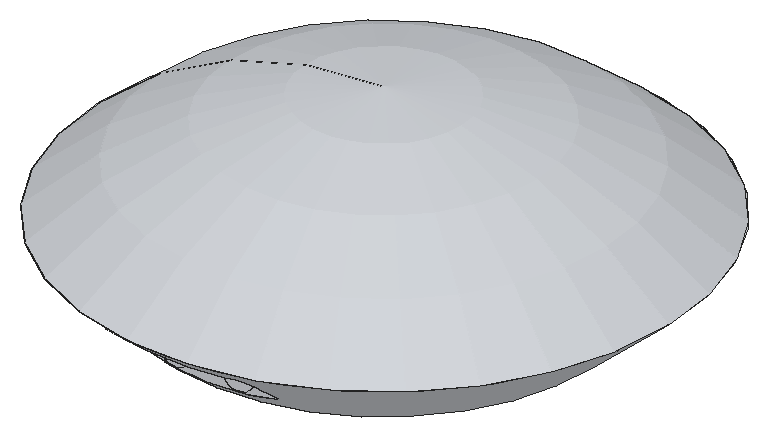
Revit family "0049013 Sylvania Lighting Fixture Start Surface IP66 1500lm 840 MW+EM IK10 WHT", category Lighting Fixtures, host Face, Revit 2016
Family settings
  Host = Face
  Part Type = Normal
  Round Connector Dimension = Use Diameter
  OmniClass Number = 23.80.70.00
  OmniClass Title = Lighting
  Cut with Voids When Loaded = No
  Light Source = Yes
  Shared = No
  Room Calculation Point = No
Parameters (values of type "Type Name")
  power entry width = 90 mm
  power entry height = 28 mm
  power connector height = 12.5 mm
  power connector centres = 39 mm
  height = 110 mm
  connector position 2 = 40 mm
  connector length = 2 mm
  base height = 40 mm
  backplate diameter = 256 mm
  Weight = ""
  Wattage Comments = ""
  Wattage = 9.2903 W
  WarrantyStartDate [instance] = "n/a"
  WarrantyGuarantorParts = "n/a"
  WarrantyDurationUnit = "n/a"
  WarrantyDurationParts = "n/a"
  WarrantyDescription = "n/a"
  built-in parameter 1150110 = 1 (stored number, unit not read)
  Voltage = 0 V
  URL = "http://www.feilosylvania.com"
  TypeName = ""
  Type Image = <None>
  Type Comments = "n/a"
  Tube Diameter = 80 mm
  built-in parameter 1114217 = 1 (stored number, unit not read)
  Tilt Angle = 90.00°
  built-in parameter 1150109 = 1 (stored number, unit not read)
  built-in parameter 1150134 = 3
  built-in parameter 1150113 = 1 (stored number, unit not read)
  SerialNumber [instance] = "n/a"
  Photometric Web File = "0049013-300mA.ies"
  Material_3_FEILO = none
  PowerFactor = 0
  PowerConsumption = ""
  NominalLength = 0 mm
  NominalHeight = 0 mm
  NominalDepth = 0 mm
  Name = ""
  ModelReference = Name  # ""
  ModelNumber = ""
  Model = Name  # ""
  Material = ""
  ManufacturerName = "Feilo Sylvania"
  Manufacturer = "Feilo Sylvania"
  LuminousEfficacy = ""
  built-in parameter 1150105 = 109.82 (stored number, unit not read)
  Lumens = 1380 lm
  LuminaireType = ""
  built-in parameter 1150115 = 1 (stored number, unit not read)
  LightOutputRatio = ""
  built-in parameter 1150137 = (empty or 0)
  built-in parameter 1150139 = (empty or 0)
  LampsType = Lamp  # ""
  LampNominalLuminous = ""
  LampMacAdamStep = ""
  LampColourTemperature = ""
  LampColourRenderingIndex = ""
  built-in parameter 1150112 = 1 (stored number, unit not read)
  built-in parameter 1150114 = 1 (stored number, unit not read)
  Lamp = ""
  Keynote = "16500"
  InstallationDate [instance] = "n/a"
  InputVoltage = ""
  InputNominalFrequency = ""
  built-in parameter 1150132 = (empty or 0)
  built-in parameter 1150102 = (empty or 0)
  built-in parameter 1150107 = 3200 (stored number, unit not read)
  built-in parameter 1150138 = (empty or 0)
  IngressProtection = ""
  ImpactProtectionIndex = ""
  built-in parameter 1150106 = 1.0982 (stored number, unit not read)
  IfcExportType = "IfcLightFixtureType"
  IfcExportAs = "IfcLightFixtureType"
  Height = 250 mm
  ExpectedLife = 50000
  Emit from Circle Diameter = 609.6 mm
  Emit Shape Visible in Rendering = no
  ElectricShockClassification = ""
  built-in parameter 1150104 = 13.8 (stored number, unit not read)
  DurationUnit = "hours"
  DocumentationLiterature = ""
  DimmingControlOptions = ""
  Material_2_FEILO = none
  Dimming Lamp Color Temperature Shift = <None>
  Diameter = 350 mm
  Description = ""
  Default Elevation = 1219.2 mm
  CreatedOn = ""
  CreatedBy = ""
  Cost = 0
  Color Filter = 16777215
  built-in parameter 1114216 [instance] = (empty or 0)
  ClassificationValue = "EF_70_80"
  ClassificationName = "Uniclass2015"
  Material_1_FEILO = none
  BarCode [instance] = "n/a"
  built-in parameter 1114218 = 1 (stored number, unit not read)
  built-in parameter 1150133 = 10 (stored number, unit not read)
  AssetType = ""
  AssetIdentifier [instance] = "n/a"
  Assembly Code = "D5020200"
  Apparent Load = 0 VA
  Material_4_FEILO = none
Reference planes
  plane 1 "Center (Front/Back)": y = 0
  plane 2: z = 0
  plane 3 "Center (Left/Right)": x = 0
  plane 4: z = 0
  plane 5: y = 128
  plane 6: y = -128
  plane 7: y = 175
  plane 8: y = -175
  plane 9: z = 40
  plane 10: z = 110
  plane 11: x = -45.686
  plane 12: x = 44.314
  plane 13: z = 5
  plane 14: z = 33
  plane 15: y = -135
  plane 16: x = 19.5
  plane 17: x = -19.5
  plane 18: z = 20.5
  plane 19: y = -137
  plane 20: y = 135
Forms (mm)
  Blend 1, solid, detail levels medium+fine
    base sketch origin (4.2, 0, 0) x (1, 0, 0) y (0, 1, 0)
      loop
        circle (-4.2, 0) r 128
    top sketch origin (4.2, 0, 0) x (1, 0, 0) y (0, 1, 0)
      loop
        circle (-4.2, 0) r 175
    from 0 to 40
  Revolve 2, solid, detail levels medium+fine
    sketch origin (0, 0, 0) x (1, 0, 0) y (0, 0, 1)
      loop
        arc (175, 40) -> (94.148, 91.621) -> (0, 110) r 257.018
        line (0, 110) -> (0, 40) -> (175, 40)
      axis (0, 110) -> (0, 40)
    angle from -180 to 179.914
  Extrusion 3, void
    sketch origin (0, 0, 0) x (1, 0, 0) y (0, 0, 1)
      loop
        line (-45.686, 25.025) -> (-45.686, 5) -> (44.314, 5) -> (44.314, 25.025)
        arc (44.314, 25.025) -> (42.644, 30.018) -> (38.304, 33) r 8.297
        line (38.304, 33) -> (-39.676, 33)
        arc (-39.676, 33) -> (-44.015, 30.018) -> (-45.686, 25.025) r 8.297
    from 135 to 166.869
  Extrusion 4, solid, detail levels fine
    sketch origin (1524, -324.9, 1219.2) x (1, 0, 0) y (0, 0, 1)
      loop
        circle (-1504.5, -1198.7) r 11
      loop
        circle (-1543.5, -1198.7) r 11
    from -189.9 to -187.9
  Extrusion 5, void
    sketch origin (-0.686, -5.131, 0) x (-1, 0, 0) y (0, 0, 1)
      loop
        line (-45.686, 25.025) -> (-45.686, 5) -> (44.314, 5) -> (44.314, 25.025)
        arc (44.314, 25.025) -> (42.644, 30.018) -> (38.304, 33) r 8.297
        line (38.304, 33) -> (-39.676, 33)
        arc (-39.676, 33) -> (-44.015, 30.018) -> (-45.686, 25.025) r 8.297
    from 140.131 to 175.131
  Extrusion 6, solid
    sketch origin (1524, -52.9, 1219.2) x (1, 0, 0) y (0, 0, 1)
      loop
        circle (-1504.5, -1198.7) r 11
      loop
        circle (-1543.5, -1198.7) r 11
    from -189.9 to -187.9
  Extrusion 7, solid, detail levels coarse
    sketch origin (0, 1219.2, 38) x (1, 0, 0) y (0, 1, 0)
      loop
        line (175.117, -1396.13) -> (175.117, -1044.2) -> (-175, -1044.2) -> (-175, -1396.13) -> (175.117, -1396.13)
    from -38 to 72
Cuts and joins
  Extrusion 3, Extrusion 5 cuts Blend 1
  Extrusion 5 cuts Extrusion 4
Dimensions and locks
  "backplate diameter": plane 5 to plane 6
  equal spacing: plane 5, plane 1 "Center (Front/Back)", plane 6
  "Diameter": plane 7 to plane 8
  equal spacing: plane 7, plane 1 "Center (Front/Back)", plane 8
  "base height": plane 9 to level
  "height": plane 10 to host face
  "power entry width": plane 12 to plane 11
  plane 12 to imposter light to plane 11 = 44.201 mm, 45.799 mm
  "power entry height": plane 14 to plane 13
  "power connector centres": plane 17 to plane 16
  equal spacing: plane 17, plane 3 "Center (Left/Right)", plane 16
  "power connector height": plane 18 to plane 14
  "connector length": plane 15 to plane 19
  "connector position 2": plane 7 to plane 20
  aligned and locked: plane 2 to host face
  aligned and locked: level to host face
  aligned and locked: plane 10 to Extrusion 7
Automatic sketch dimensions
  host sketch curve to host sketch curve = 2438.4 mm  (x2)
  plane 1 "Center (Front/Back)" to Blend 1 sketch curve = 0 mm  (x2)
  Blend 1 sketch curve to plane 3 "Center (Left/Right)" = 0 mm  (x2)
  Revolve 2 sketch curve to plane 3 "Center (Left/Right)" = 0 mm  (x2)
  Revolve 2 sketch curve to plane 9 = 0 mm
  Revolve 2 sketch curve to plane 10 = 0 mm
  Revolve 2 sketch curve to plane 3 "Center (Left/Right)" = 1.306 mm
  plane 3 "Center (Left/Right)" to Revolve 2 sketch curve = 175 mm
  Revolve 2 sketch curve to level = 47.821 mm
  Revolve 2 sketch curve to Revolve 2 sketch curve = 80 mm
  Extrusion 3 sketch curve to plane 11 = 0 mm
  Extrusion 3 sketch curve to plane 14 = 0 mm
  Extrusion 3 sketch curve to plane 12 = 0 mm
  Extrusion 3 sketch curve to plane 13 = 0 mm
  plane 11 to Extrusion 3 sketch curve = 6.01 mm
  plane 18 to Extrusion 3 sketch curve = 4.525 mm  (x2)
  Extrusion 3 sketch curve to Extrusion 3 sketch curve = 8.297 mm
  plane 17 to Extrusion 4 sketch curve = 0 mm
  plane 16 to Extrusion 4 sketch curve = 0 mm
  Extrusion 4 sketch curve to plane 18 = 0 mm  (x2)
  Extrusion 5 sketch curve to plane 13 = 0 mm
  Extrusion 5 sketch curve to plane 14 = 0 mm
  plane 12 to Extrusion 5 sketch curve = 0.686 mm
  Extrusion 5 sketch curve to plane 12 = 5.324 mm
  plane 18 to Extrusion 5 sketch curve = 4.525 mm
  plane 11 to Extrusion 5 sketch curve = 8.982 mm
  plane 11 to Extrusion 5 sketch curve = 6.696 mm
  plane 11 to Extrusion 5 sketch curve = 0.686 mm
  plane 17 to Extrusion 6 sketch curve = 0 mm
  plane 16 to Extrusion 6 sketch curve = 0 mm
  Extrusion 6 sketch curve to plane 18 = 0 mm  (x2)
  Extrusion 7 sketch curve to plane 8 = 1.93 mm
  Extrusion 7 sketch curve to plane 11 = 129.314 mm
  plane 12 to Extrusion 7 sketch curve = 130.802 mm
  plane 5 to Extrusion 7 sketch curve = 47 mm
  radius of Blend 1 sketch curve = 128 mm
  radius of Blend 1 sketch curve = 175 mm
  radius of Extrusion 4 sketch curve = 11 mm  (x2)
  radius of Extrusion 6 sketch curve = 11 mm  (x2)
Connectors
  electrical at (19.5, 137, 20.5)
    settings: on Extrusion 6, index 1, voltage 0 V, apparent load 0 VA, apparent load phase1 0 VA, apparent load phase2 0 VA, apparent load phase3 0 VA, power factor 1, load classification "Other", number of poles 1, system type 31, power factor state 1, is connector primary yes, connector utility no, sub classification motor no, connector description ""
